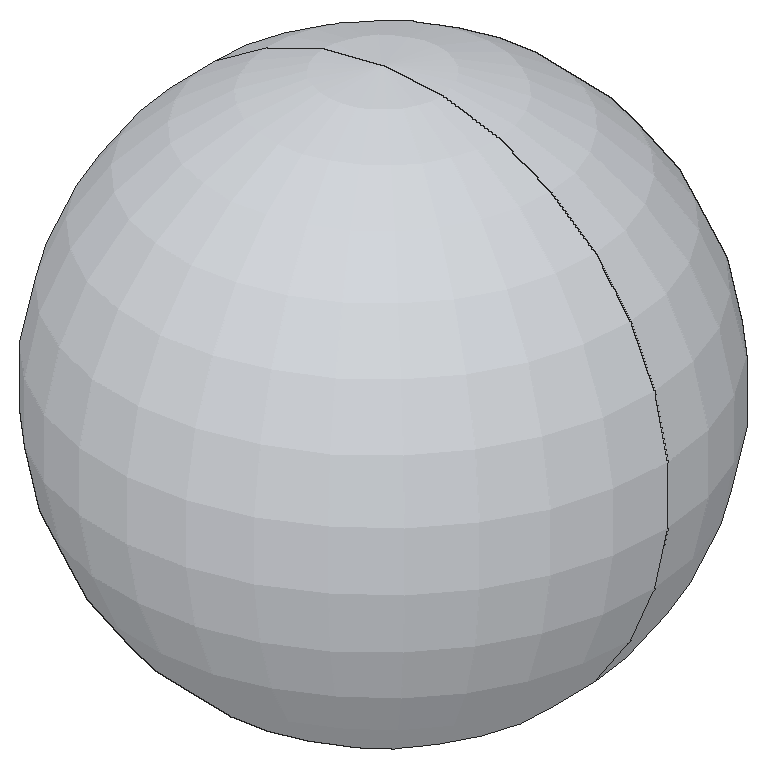
Revit family "Ge_1 point_R22_content", category Generic Models, Revit 2022
Family settings
  Can host rebar = No
  Round Connector Dimension = Use Diameter
  Part Type = Undefined
  Always vertical = No
  Cut with Voids When Loaded = No
  Maintain Annotation Orientation = No
  Shared = Yes
  Room Calculation Point = No
Parameters (values of type "1 point_other")
  Visible spheer = yes
  Visible = yes
  Type Comments = "KW"
  R spheer = 10 mm
  H [instance] = 0 mm
  Default Elevation = 0 mm
  Circle visible = yes
  Cal_H [instance] = 5000 mm + H  # 5000 mm
Reference planes
  plane 1 "Center (Front/Back)": y = 0
  plane 2 "Center (Left/Right)": x = 0
  plane 3 "H": z = 0
  plane 4: z = -5000
Lines and regions (mm)
  model lines
    curve 1: circle (0, 0, 0) r 10 normal (0, 0, -1)
Dimensions and locks
  "Cal_H": plane 4 to plane 3 "H"
  locked: plane 4 to level at 5000
  aligned and locked: plane 3 "H" to reference point
  aligned and locked: plane 2 "Center (Left/Right)" to reference point
  aligned and locked: plane 1 "Center (Front/Back)" to reference point
  aligned and locked: plane 2 "Center (Left/Right)" to nested 1
  aligned and locked: nested 1 to plane 1 "Center (Front/Back)"
Automatic sketch dimensions
  curve 1 to plane 1 "Center (Front/Back)" = 0 mm
  curve 1 to plane 2 "Center (Left/Right)" = 0 mm
  radius of curve 1 = 10 mm
Nested families
  nested 1: "spheer" at (0, 0, 0), visible <- "Visible spheer", type "spheer"
    with R 10 mm
Definition of nested family "spheer"
  Parameters
    R = 60 mm
    Default Elevation = 1219.2 mm
  Reference planes
    plane 1 "Center (Front/Back)": y = 0
    plane 2: z = 0
    plane 3 "Center (Left/Right)": x = 0
    plane 4: z = 60
    plane 5: z = -60
  Forms (mm)
    Revolve 1, solid
      sketch origin (0, 0, 0) x (1, 0, 0) y (0, 0, 1)
        loop
          arc (0, -60) -> (60, 0) -> (0, 60) r 60
          line (0, 60) -> (0, -60)
        axis (0, -60) -> (0, 60)
      angle from 0 to 360
  Dimensions and locks
    equal spacing: plane 4, level, plane 5
    "R": plane 4 to level
    "R": radius of Revolve 1 sketch curve
    aligned and locked: level to plane 2
  Automatic sketch dimensions
    Revolve 1 sketch curve to plane 3 "Center (Left/Right)" = 0 mm  (x2)
    Revolve 1 sketch curve to level = 0 mm
    Revolve 1 sketch curve to plane 5 = 0 mm
    plane 4 to Revolve 1 sketch curve = 205 mm
